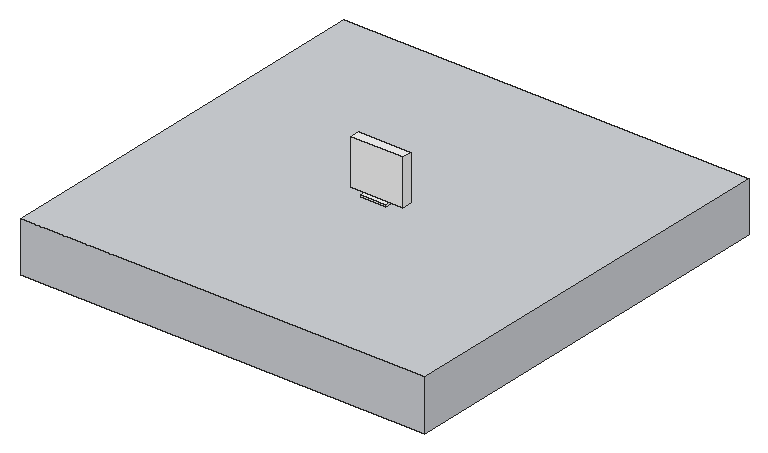
Revit family "CLS", category Lighting Fixtures, host Face, Revit 2012
Parameters (values of type "CLS - EXIT")
  Width = 12.375"
  Wattage Comments = "5 W"
  Wattage = 5 W
  built-in parameter 1150110 = 1 (stored number, unit not read)
  Voltage = 120 V
  URL = "http://www.dual-lite.com/"
  Type Comments = ""
  built-in parameter 1114217 = 1 (stored number, unit not read)
  Tilt Angle = 90.00°
  built-in parameter 1150109 = 1 (stored number, unit not read)
  built-in parameter 1150134 = 3
  built-in parameter 1150113 = 1 (stored number, unit not read)
  Product Page URL = "http://www.dual-lite.com/products/cls_series"
  Product Documentation Link = "http://cdn.dual-lite.com/content/products/specs/specs_files/0603521_cls_spec_sheet.pdf"
  Photometric Web File = "generic"
  built-in parameter 1150142 = (empty or 0)
  Mounting = "Ceiling Mount"  # constant formula
  Model = "CLS"  # constant formula
  Manufacturer Phone = "(864)-678-1000"  # constant formula
  Manufacturer Fax = "(864)-678-1415"  # constant formula
  Manufacturer = "Dual-Lite"  # constant formula
  built-in parameter 1150105 = 59.103 (stored number, unit not read)
  Lumens = 742.71 lm
  built-in parameter 1150115 = 1 (stored number, unit not read)
  Load Classification = Other
  built-in parameter 1150137 = (empty or 0)
  built-in parameter 1150139 = (empty or 0)
  Lettering = Hubbell - Red Glass
  Letters = Lettering : EXIT
  built-in parameter 1150112 = 1 (stored number, unit not read)
  built-in parameter 1150114 = 1 (stored number, unit not read)
  Lamp = "LED"  # constant formula
  built-in parameter 1150132 = (empty or 0)
  built-in parameter 1150102 = (empty or 0)
  built-in parameter 1150107 = 3200 (stored number, unit not read)
  built-in parameter 1150138 = (empty or 0)
  built-in parameter 1150106 = 0.59103 (stored number, unit not read)
  Glass = Hubbell - light Glass
  Family = "Outdoor Emergency Lighting"  # constant formula
  Emit from Rectangle Width = 10.717"
  Emit from Rectangle Length = 12.375"
  Emit Shape Visible in Rendering = no
  built-in parameter 1150104 = 13.8 (stored number, unit not read)
  Dimming Lamp Color Temperature Shift = <None>
  Description = "The CLS Series offers bright and even LED “EXIT” or “STAIRS” glass panel illumination with Red letters, white LED's and a 20 gauge, durable steel housing."  # constant formula
  Depth = 11.18687"
  Default Elevation = 48.000"
  Connector Description = "Lighting Connector"  # constant formula
  Color Filter = 16777215
  built-in parameter 1114218 = 1 (stored number, unit not read)
  Backbox = Hubbell - White
  built-in parameter 1150133 = 10 (stored number, unit not read)
  Apparent Load = 5 VA
Types (3): name | Width | Voltage | Tilt Angle | Letters | Emit from Rectangle Length | Depth
  (no name) | 12.375" | 120 V | 90.00° | Lettering : EXIT | 12.375" | 11.18687"
  CLS - EXIT | 12.375" | 120 V | 90.00° | Lettering : EXIT | 12.375" | 11.18687"
  CLS - STAIRS | 13.875" | 0 V | 60.00° | Lettering : STAIRS | 13.875" | 11.33983"
Reference planes (in)
  plane 1 "Center (Front/Back)": y = 0.03999
  plane 2: z = 0.06357
  plane 3 "Center (Left/Right)": x = -0.8125
  plane 4: z = 0.53344
  plane 5: x = -3.8125
  plane 6: x = 2.1875
  plane 7: x = -7
  plane 8: x = 5.375
  plane 9: z = 11.25044
  plane 10: y = 2.28999
  plane 11: y = -2.21001
  plane 12: y = 1.22749
  plane 13: y = -1.14751
  plane 14: y = 1.28999
  plane 15: y = -1.21001
  plane 16: x = 4.086
  plane 17: x = -5.711
  plane 18: z = 5.89069
Forms (in)
  Extrusion 1, solid
    sketch origin (0, 0, 0.06357) x (1, 0, 0) y (0, 1, 0)
      loop
        line (-48, 48) -> (-48, -48) -> (48, -48) -> (48, 48) -> (-48, 48)
    from 0 to -12
  Extrusion 2, solid, material "Hubbell - White" <- "Backbox"
    sketch origin (0, 0.03999, -9.19021) x (1, 0, 0) y (0, 0, 1)
      loop
        line (-7, 20.44065) -> (-7, 9.72365) -> (5.375, 9.72365) -> (5.375, 20.44065) -> (-7, 20.44065)
    from 1.1875 to -1.1875
  Extrusion 3, solid, material "Hubbell - White" <- "Backbox"
    sketch origin (-0.8125, 0, 0) x (0, 1, 0) y (0, 0, 1)
      loop
        line (-2.21001, 0.06357) -> (2.28999, 0.06357) -> (2.28999, 0.53344) -> (-2.21001, 0.53344) -> (-2.21001, 0.06357)
    from -3 to 3
Dimensions and locks (in)
  equal spacing: plane 6, plane 3 "Center (Left/Right)", plane 5
  plane 6 to plane 5 = 6.000"
  equal spacing: plane 8, plane 3 "Center (Left/Right)", plane 7
  "Width": plane 8 to plane 7
  "Depth": plane 9 to level
  equal spacing: plane 10, plane 1 "Center (Front/Back)", plane 11
  plane 10 to plane 11 = 4.500"
  plane 12 to plane 13 = 2.375"
  equal spacing: plane 16, plane 3 "Center (Left/Right)", plane 17
  aligned and locked: plane 2 to Extrusion 1
  aligned and locked: Extrusion 3 to plane 5
  aligned and locked: Extrusion 3 to plane 6
  aligned and locked: plane 5 to Extrusion 3
  aligned and locked: Extrusion 3 sketch curve to level
  aligned and locked: Extrusion 2 to plane 13
  aligned and locked: Extrusion 2 to plane 12
  aligned and locked: nested 1 to plane 3 "Center (Left/Right)"
  aligned and locked: plane 9 to Extrusion 2
  aligned and locked: plane 4 to Extrusion 2
  aligned and locked: plane 18 to imposter light
  aligned and locked: plane 14 to nested 1
  aligned and locked: plane 12 to nested 1
  aligned and locked: Extrusion 2 to plane 7
  aligned and locked: Extrusion 2 to plane 8
Automatic sketch dimensions
  Extrusion 1 sketch curve to Extrusion 1 sketch curve = 96.000"  (x2)
  Extrusion 3 sketch curve to plane 11 = 0.000"
  level to Extrusion 3 sketch curve = 0.46987"
  Extrusion 3 sketch curve to plane 10 = 0.000"
  Extrusion 2 sketch curve to plane 7 = 0.000"
  Extrusion 2 sketch curve to plane 8 = 0.000"
  level to Extrusion 2 sketch curve = 0.46987"
  Extrusion 2 sketch curve to Extrusion 2 sketch curve = 10.717"
Nested families (in)
  nested 1: "Lettering" at (0, 2.4375, 0.06357) x (1, 0, 0) z (0, 0, -1), type <- "Letters", type "EXIT"
Connectors (in)
  electrical at (-0.8125, 0.03999, 0.06357), driven by "Apparent Load", driven by "Connector Description", driven by "Load Classification", driven by "Voltage"
    settings: on Extrusion 3, index 1, voltage 120 V, apparent load 5 VA, apparent load phase1 0 VA, apparent load phase2 0 VA, apparent load phase3 0 VA, power factor 1, load classification "Other", number of poles 1, system type 30, power factor state 1, is connector primary yes, connector utility no, sub classification motor no, connector description "Lighting Connector"
Definition of nested family "Lettering"
  Parameters (values of type "STAIRS")
    Width = 13.875"
    Wattage Comments = "5 W"
    URL = "http://www.dual-lite.com/"
    Type Comments = ""
    STAIRS = yes
    Product Page URL = "http://www.dual-lite.com/products/cls_series"
    Product Documentation Link = "http://cdn.dual-lite.com/content/products/specs/specs_files/0603521_cls_spec_sheet.pdf"
    Mounting = "Ceiling Mount"  # constant formula
    Model = "CLS"  # constant formula
    Manufacturer Phone = "(864)-678-1000"  # constant formula
    Manufacturer Fax = "(864)-678-1415"  # constant formula
    Manufacturer = "Dual-Lite"  # constant formula
    Lettering = Hubbell - Red Glass
    Lamp = "LED"  # constant formula
    Glass = Hubbell - light Glass
    Family = "Outdoor Emergency Lighting"  # constant formula
    EXIT = no
    Description = "The CLS Series offers bright and even LED “EXIT” or “STAIRS” glass panel illumination with Red letters, white LED's and a 20 gauge, durable steel housing."  # constant formula
    Depth = 11.33983"
    Default Elevation = 48.000"
    Connector Description = "Lighting"  # constant formula
    Backbox = Hubbell - White
    Apparent Load = 5 VA
  Types (2): name | Width | STAIRS | EXIT
    EXIT | 12.375" | no | yes
    STAIRS | 13.875" | yes | no
  Reference planes (in)
    plane 1 "Center (Front/Back)": y = 0.03999
    plane 2: z = 0.06357
    plane 3 "Center (Left/Right)": x = -0.8125
    plane 4: z = -0.46987
    plane 5: x = -3.8125
    plane 6: x = 2.1875
    plane 7: x = -7.75
    plane 8: x = 6.125
    plane 9: z = -11.27627
    plane 10: y = 2.28999
    plane 11: y = -2.21001
    plane 12: y = 1.22749
    plane 13: y = -1.14751
    plane 14: y = 1.28999
    plane 15: y = -1.21001
  Forms (in)
    Extrusion 1, solid
      sketch origin (0, 0, 0.06357) x (1, 0, 0) y (0, 1, 0)
        loop
          line (-48, 48) -> (-48, -48) -> (48, -48) -> (48, 48) -> (-48, 48)
      from 0 to -12
    Extrusion 2, solid, material "Hubbell - Red Glass" <- "Lettering", visible <- "EXIT"
      sketch origin (1.10404, 0, -1.76639) x (-1, 0, 0) y (0, 0, -1)
        loop
          line (5.50988, 5.71294) -> (5.50988, 3.60776) -> (3.91301, 3.60776) -> (3.91301, 3.56646) -> (3.91301, 2.74099) -> (5.50988, 2.74099) -> (5.50988, 0.67107) -> (3.89134, 0.67107) -> (3.89134, -0.23301) -> (6.39134, -0.23301) -> (6.39134, 3.56646) -> (6.39134, 6.6174) -> (3.91301, 6.6174) -> (3.91301, 5.71294) -> (5.50988, 5.71294)
        loop
          line (3.32655, 6.6174) -> (2.48234, 6.6174) -> (2.14453, 5.68927) -> (1.80672, 6.6174) -> (1.0498, 6.6174) -> (1.80957, 3.3265) -> (0.98779, -0.23301) -> (1.79489, -0.23301) -> (2.11632, 0.65012) -> (2.43775, -0.23301) -> (3.31017, -0.23301) -> (2.52759, 3.15672) -> (3.32655, 6.6174)
        loop
          line (-3.40542, 0.67107) -> (-3.40542, -0.23301) -> (-1.08346, -0.23301) -> (-1.08346, 0.67107) -> (-1.78612, 0.67107) -> (-1.78612, 6.6174) -> (-2.65542, 6.6174) -> (-2.65542, 0.67107) -> (-3.40542, 0.67107)
        loop
          line (0.37192, -0.23301) -> (0.37192, 6.6174) -> (-0.4923, 6.6174) -> (-0.4923, -0.23301) -> (0.37192, -0.23301)
      from 1.21001 to 1.14751
    Extrusion 3, solid, material "Hubbell - Red Glass" <- "Lettering", visible <- "STAIRS"
      sketch origin (0.10404, 0, -1.76639) x (-1, 0, 0) y (0, 0, -1)
        loop
          arc (5.9186, -0.58429) -> (6.44893, -0.36462) -> (6.6686, 0.16571) r 0.75
          line (6.6686, 0.16571) -> (6.6686, 2.2767)
          arc (6.6686, 2.2767) -> (6.48857, 2.71134) -> (6.05393, 2.89137) r 0.61466
          line (6.05393, 2.89137) -> (5.80795, 2.89137)
          arc (5.80795, 2.89137) -> (5.53264, 3.00541) -> (5.4186, 3.28072) r 0.38936
          line (5.4186, 3.28072) -> (5.4186, 4.52099)
          arc (5.4186, 4.52099) -> (5.6686, 4.77099) -> (5.9186, 4.52099) r 0.25
          line (5.9186, 4.52099) -> (5.9186, 4.02335) -> (6.6686, 4.02335) -> (6.6686, 4.89625)
          arc (6.6686, 4.89625) -> (6.46904, 5.37802) -> (5.98727, 5.57758) r 0.68133
          line (5.98727, 5.57758) -> (5.28311, 5.57758)
          arc (5.28311, 5.57758) -> (4.84858, 5.39759) -> (4.6686, 4.96307) r 0.61451
          line (4.6686, 4.96307) -> (4.6686, 2.7814)
          arc (4.6686, 2.7814) -> (4.85606, 2.32883) -> (5.30863, 2.14137) r 0.64004
          line (5.30863, 2.14137) -> (5.51917, 2.14137)
          arc (5.51917, 2.14137) -> (5.80161, 2.02438) -> (5.9186, 1.74194) r 0.39943
          line (5.9186, 1.74194) -> (5.9186, 0.60235)
          arc (5.9186, 0.60235) -> (5.66262, 0.36452) -> (5.4186, 0.6146) r 0.25015
          line (5.4186, 0.6146) -> (5.4186, 1.05863) -> (4.6686, 1.05863) -> (4.6686, 0.02358)
          arc (4.6686, 0.02358) -> (4.84664, -0.40625) -> (5.27646, -0.58429) r 0.60787
          line (5.27646, -0.58429) -> (5.9186, -0.58429)
        loop
          line (4.34752, 0.2586) -> (3.73821, 0.2586) -> (3.73821, 5.57758) -> (3.09752, 5.57758) -> (3.09752, 0.2586) -> (2.4942, 0.2586) -> (2.4942, -0.4914) -> (4.34752, -0.4914) -> (4.34752, 0.2586)
        loop
          line (2.4942, 5.57758) -> (1.78257, 5.57758) -> (1.69207, 4.71656) -> (1.39196, 4.71656) -> (1.30146, 5.57758) -> (0.46845, 5.57758) -> (1.10633, -0.4914) -> (1.85633, -0.4914) -> (2.4942, 5.57758)
        loop
          line (1.5215, 2.81203) -> (1.6465, 4.00133) -> (1.3965, 4.00133) -> (1.5215, 2.81203)
        loop
          line (0.26203, -0.4914) -> (0.26203, 5.57758) -> (-0.48946, 5.57758) -> (-0.48946, -0.4914) -> (0.26203, -0.4914)
        loop
          line (-0.85838, 5.57758) -> (-1.4633, 5.57758) -> (-1.4633, 2.89137) -> (-2.08346, 5.57758) -> (-2.73028, 5.57758) -> (-2.23028, 2.89137)
          arc (-2.23028, 2.89137) -> (-2.58383, 2.74492) -> (-2.73028, 2.39137) r 0.5
          line (-2.73028, 2.39137) -> (-2.73028, 0.0086)
          arc (-2.73028, 0.0086) -> (-2.58383, -0.34495) -> (-2.23028, -0.4914) r 0.5
          line (-2.23028, -0.4914) -> (-0.85838, -0.4914) -> (-0.85838, 5.57758)
        loop
          line (-1.4633, 2.14137) -> (-1.58346, 2.14137)
          arc (-1.58346, 2.14137) -> (-1.93701, 1.99492) -> (-2.08346, 1.64137) r 0.5
          line (-2.08346, 1.64137) -> (-2.08346, 0.67945)
          arc (-2.08346, 0.67945) -> (-1.93701, 0.3259) -> (-1.58346, 0.17945) r 0.5
          line (-1.58346, 0.17945) -> (-1.4633, 0.17945) -> (-1.4633, 2.14137)
        loop
          arc (-3.70124, -0.58429) -> (-3.1709, -0.36462) -> (-2.95124, 0.16571) r 0.75
          line (-2.95124, 0.16571) -> (-2.95124, 2.2767)
          arc (-2.95124, 2.2767) -> (-3.13127, 2.71134) -> (-3.5659, 2.89137) r 0.61466
          line (-3.5659, 2.89137) -> (-3.81188, 2.89137)
          arc (-3.81188, 2.89137) -> (-4.08719, 3.00541) -> (-4.20124, 3.28072) r 0.38936
          line (-4.20124, 3.28072) -> (-4.20124, 4.52099)
          arc (-4.20124, 4.52099) -> (-3.95124, 4.77099) -> (-3.70124, 4.52099) r 0.25
          line (-3.70124, 4.52099) -> (-3.70124, 4.02335) -> (-2.95124, 4.02335) -> (-2.95124, 4.89625)
          arc (-2.95124, 4.89625) -> (-3.15079, 5.37802) -> (-3.63256, 5.57758) r 0.68133
          line (-3.63256, 5.57758) -> (-4.33673, 5.57758)
          arc (-4.33673, 5.57758) -> (-4.77125, 5.39759) -> (-4.95124, 4.96307) r 0.61451
          line (-4.95124, 4.96307) -> (-4.95124, 2.7814)
          arc (-4.95124, 2.7814) -> (-4.76377, 2.32883) -> (-4.3112, 2.14137) r 0.64004
          line (-4.3112, 2.14137) -> (-4.10066, 2.14137)
          arc (-4.10066, 2.14137) -> (-3.81822, 2.02438) -> (-3.70124, 1.74194) r 0.39943
          line (-3.70124, 1.74194) -> (-3.70124, 0.60235)
          arc (-3.70124, 0.60235) -> (-3.95721, 0.36452) -> (-4.20124, 0.6146) r 0.25015
          line (-4.20124, 0.6146) -> (-4.20124, 1.05863) -> (-4.95124, 1.05863) -> (-4.95124, 0.02358)
          arc (-4.95124, 0.02358) -> (-4.77319, -0.40625) -> (-4.34337, -0.58429) r 0.60787
          line (-4.34337, -0.58429) -> (-3.70124, -0.58429)
        loop
          line (5.25546, 5.73339) -> (6.6686, 6.54926) -> (5.25546, 7.36514) -> (5.25546, 6.86514) -> (0.91654, 6.86514) -> (-3.42238, 6.86514) -> (-3.42238, 7.36514) -> (-4.83552, 6.54926) -> (-3.42238, 5.73339) -> (-3.42238, 6.07758) -> (0.91654, 6.07758) -> (5.25546, 6.07758) -> (5.25546, 5.73339)
      from 1.21001 to 1.14751
  Dimensions and locks (in)
    equal spacing: plane 6, plane 3 "Center (Left/Right)", plane 5
    plane 6 to plane 5 = 6.000"
    equal spacing: plane 8, plane 3 "Center (Left/Right)", plane 7
    "Width": plane 8 to plane 7
    "Depth": level to plane 9
    equal spacing: plane 10, plane 1 "Center (Front/Back)", plane 11
    plane 10 to plane 11 = 4.500"
    plane 12 to plane 13 = 2.375"
    aligned and locked: plane 2 to Extrusion 1
    aligned and locked: Extrusion 2 sketch curve to Extrusion 2 sketch curve
    aligned and locked: Extrusion 2 to plane 15
  Automatic sketch dimensions
    Extrusion 1 sketch curve to Extrusion 1 sketch curve = 96.000"  (x2)
    plane 6 to Extrusion 2 sketch curve = 0.000"
    Extrusion 2 sketch curve to plane 6 = 0.70266"
    Extrusion 2 sketch curve to Extrusion 2 sketch curve = 0.86931"
    Extrusion 2 sketch curve to Extrusion 2 sketch curve = 0.750"
    plane 6 to Extrusion 2 sketch curve = 0.59117"
    Extrusion 2 sketch curve to Extrusion 2 sketch curve = 0.86422"
    Extrusion 2 sketch curve to Extrusion 2 sketch curve = 0.61587"
    Extrusion 2 sketch curve to Extrusion 2 sketch curve = 0.67788"
    plane 3 "Center (Left/Right)" to Extrusion 2 sketch curve = 0.12165"
    plane 3 "Center (Left/Right)" to Extrusion 2 sketch curve = 0.10982"
    plane 3 "Center (Left/Right)" to Extrusion 2 sketch curve = 0.10697"
    Extrusion 2 sketch curve to plane 3 "Center (Left/Right)" = 0.19978"
    Extrusion 2 sketch curve to plane 3 "Center (Left/Right)" = 0.22799"
    Extrusion 2 sketch curve to plane 3 "Center (Left/Right)" = 0.52122"
    Extrusion 2 sketch curve to plane 3 "Center (Left/Right)" = 0.5658"
    Extrusion 2 sketch curve to plane 3 "Center (Left/Right)" = 0.61105"
    Extrusion 2 sketch curve to Extrusion 2 sketch curve = 0.87242"
    Extrusion 2 sketch curve to Extrusion 2 sketch curve = 0.84421"
    Extrusion 2 sketch curve to Extrusion 2 sketch curve = 0.58117"
    plane 5 to Extrusion 2 sketch curve = 1.00352"
    Extrusion 2 sketch curve to plane 5 = 0.59334"  (x2)
    Extrusion 2 sketch curve to Extrusion 2 sketch curve = 0.88146"
    Extrusion 2 sketch curve to plane 4 = 1.06351"  (x4)
    Extrusion 2 sketch curve to Extrusion 2 sketch curve = 0.000"  (x5)
    Extrusion 2 sketch curve to Extrusion 2 sketch curve = 0.88313"
    Extrusion 2 sketch curve to Extrusion 2 sketch curve = 0.90408"  (x2)
    Extrusion 2 sketch curve to Extrusion 2 sketch curve = 2.06992"
    Extrusion 2 sketch curve to Extrusion 2 sketch curve = 0.41573"
    Extrusion 2 sketch curve to Extrusion 2 sketch curve = 0.16978"
    Extrusion 2 sketch curve to Extrusion 2 sketch curve = 0.82547"  (x2)
    Extrusion 2 sketch curve to Extrusion 2 sketch curve = 0.0413"
    Extrusion 2 sketch curve to Extrusion 2 sketch curve = 2.36277"
    Extrusion 2 sketch curve to Extrusion 2 sketch curve = 0.02367"
    Extrusion 2 sketch curve to Extrusion 2 sketch curve = 0.90446"  (x2)
    plane 6 to Extrusion 3 sketch curve = 0.000"  (x2)
    Extrusion 3 sketch curve to plane 3 "Center (Left/Right)" = 0.000"  (x2)
    Extrusion 3 sketch curve to plane 6 = 0.14681"  (x2)
    Extrusion 3 sketch curve to Extrusion 3 sketch curve = 0.64681"
    Extrusion 3 sketch curve to Extrusion 3 sketch curve = 0.500"  (x4)
    Extrusion 3 sketch curve to Extrusion 3 sketch curve = 0.22096"
    Extrusion 3 sketch curve to plane 6 = 0.86777"
    Extrusion 3 sketch curve to plane 6 = 1.33892"
    Extrusion 3 sketch curve to Extrusion 3 sketch curve = 0.6921"
    Extrusion 3 sketch curve to Extrusion 3 sketch curve = 0.61466"  (x2)
    Extrusion 3 sketch curve to Extrusion 3 sketch curve = 0.68133"  (x2)
    Extrusion 3 sketch curve to Extrusion 3 sketch curve = 0.750"  (x7)
    Extrusion 3 sketch curve to Extrusion 3 sketch curve = 0.000"  (x6)
    Extrusion 3 sketch curve to Extrusion 3 sketch curve = 0.24598"  (x2)
    Extrusion 3 sketch curve to Extrusion 3 sketch curve = 0.24985"
    Extrusion 3 sketch curve to Extrusion 3 sketch curve = 0.250"  (x3)
    Extrusion 3 sketch curve to Extrusion 3 sketch curve = 0.53476"  (x2)
    Extrusion 3 sketch curve to Extrusion 3 sketch curve = 0.25015"  (x2)
    Extrusion 3 sketch curve to Extrusion 3 sketch curve = 0.49932"
    Extrusion 3 sketch curve to Extrusion 3 sketch curve = 0.70416"  (x2)
    Extrusion 3 sketch curve to Extrusion 3 sketch curve = 0.64213"  (x2)
    Extrusion 3 sketch curve to Extrusion 3 sketch curve = 0.49879"
    Extrusion 3 sketch curve to Extrusion 3 sketch curve = 0.64004"  (x2)
    plane 6 to Extrusion 3 sketch curve = 0.500"
    plane 6 to Extrusion 3 sketch curve = 0.62016"
    Extrusion 3 sketch curve to Extrusion 3 sketch curve = 0.12016"
    Extrusion 3 sketch curve to Extrusion 3 sketch curve = 0.60493"
    Extrusion 3 sketch curve to Extrusion 3 sketch curve = 0.36891"
    plane 3 "Center (Left/Right)" to Extrusion 3 sketch curve = 0.65451"
    Extrusion 3 sketch curve to Extrusion 3 sketch curve = 0.20642"
    Extrusion 3 sketch curve to plane 3 "Center (Left/Right)" = 0.18979"
    Extrusion 3 sketch curve to plane 3 "Center (Left/Right)" = 0.38493"
    Extrusion 3 sketch curve to plane 3 "Center (Left/Right)" = 0.47542"
    Extrusion 3 sketch curve to plane 3 "Center (Left/Right)" = 0.47996"
    Extrusion 3 sketch curve to plane 3 "Center (Left/Right)" = 0.60496"
    Extrusion 3 sketch curve to Extrusion 3 sketch curve = 0.30011"
    Extrusion 3 sketch curve to Extrusion 3 sketch curve = 0.4811"
    Extrusion 3 sketch curve to Extrusion 3 sketch curve = 0.63788"
    Extrusion 3 sketch curve to Extrusion 3 sketch curve = 0.71163"
    Extrusion 3 sketch curve to Extrusion 3 sketch curve = 0.60332"
    plane 5 to Extrusion 3 sketch curve = 0.17833"
    Extrusion 3 sketch curve to plane 5 = 0.43098"
    Extrusion 3 sketch curve to plane 5 = 0.75206"  (x2)
    Extrusion 3 sketch curve to plane 5 = 1.33892"
    Extrusion 3 sketch curve to plane 4 = 0.71223"  (x2)
    Extrusion 3 sketch curve to Extrusion 3 sketch curve = 0.60787"
    Extrusion 3 sketch curve to Extrusion 3 sketch curve = 0.61451"  (x2)
    Extrusion 3 sketch curve to Extrusion 3 sketch curve = 0.13549"
    Extrusion 3 sketch curve to Extrusion 3 sketch curve = 0.21053"
    Extrusion 3 sketch curve to Extrusion 3 sketch curve = 0.38936"
    Extrusion 3 sketch curve to Extrusion 3 sketch curve = 0.39943"
    plane 7 to Extrusion 3 sketch curve = 1.18544"
    Extrusion 3 sketch curve to plane 4 = 0.80512"  (x3)
    Extrusion 3 sketch curve to Extrusion 3 sketch curve = 0.17085"
    Extrusion 3 sketch curve to Extrusion 3 sketch curve = 0.23502"
    Extrusion 3 sketch curve to Extrusion 3 sketch curve = 0.43664"  (x2)
    Extrusion 3 sketch curve to Extrusion 3 sketch curve = 0.44404"
    Extrusion 3 sketch curve to Extrusion 3 sketch curve = 0.80003"
    Extrusion 3 sketch curve to Extrusion 3 sketch curve = 0.96191"
    Extrusion 3 sketch curve to Extrusion 3 sketch curve = 0.6833"  (x2)
    Extrusion 3 sketch curve to Extrusion 3 sketch curve = 0.13534"
    Extrusion 3 sketch curve to Extrusion 3 sketch curve = 0.11466"
    Extrusion 3 sketch curve to Extrusion 3 sketch curve = 2.55343"
    Extrusion 3 sketch curve to Extrusion 3 sketch curve = 1.1893"
    Extrusion 3 sketch curve to Extrusion 3 sketch curve = 0.74262"  (x2)
    Extrusion 3 sketch curve to Extrusion 3 sketch curve = 0.49764"  (x2)
    Extrusion 3 sketch curve to Extrusion 3 sketch curve = 0.71523"
    Extrusion 3 sketch curve to Extrusion 3 sketch curve = 0.37526"  (x2)
    Extrusion 3 sketch curve to Extrusion 3 sketch curve = 0.86102"  (x2)
    Extrusion 3 sketch curve to Extrusion 3 sketch curve = 0.15581"  (x2)
    Extrusion 3 sketch curve to Extrusion 3 sketch curve = 0.34419"
    Extrusion 3 sketch curve to Extrusion 3 sketch curve = 0.97169"  (x2)
    Extrusion 3 sketch curve to Extrusion 3 sketch curve = 0.78756"
